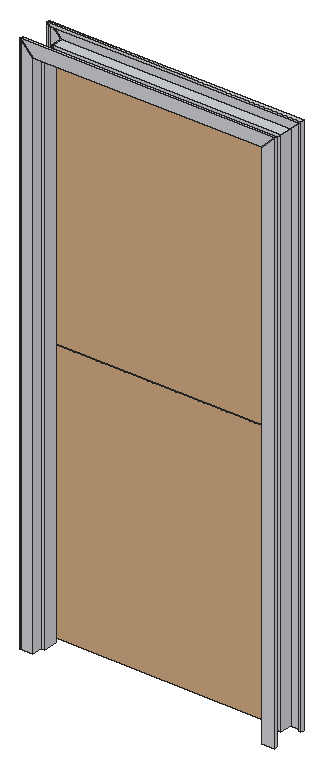
Revit family "Int-DD-WDMF-36 x 84", category Doors, host Wall, Revit 2014
Parameters (values of type "Int-DD-WDMF-36" x 84"")
  Width = Door Panel Width  # 3' - 0"
  Wall Thickness [instance] = 0' - 4 3/4"
  URL = ""
  Type Comments = ""
  Thickness = 0' - 1 3/4"
  Swing Angle [instance] = 90.00°
  SDI RO Spacing = 0' - 0"
  SDI Panel 1 Width = Leaf Width + 0' 0 3/16"  # 3' - 0"
  SDI No Panels = ""
  SDI HW Set [instance] = ""
  SDI HW Item LO-2 [instance] = ""
  SDI HW Item LO-1 [instance] = ""
  SDI HW Item KP-2 [instance] = ""
  SDI HW Item KP-1 [instance] = ""
  SDI HW Item HI-2 [instance] = ""
  SDI HW Item HI-1 [instance] = ""
  SDI HW Item HC-2 [instance] = ""
  SDI HW Item HC-1 [instance] = ""
  SDI HW Item ED-2 [instance] = ""
  SDI HW Item ED-1 [instance] = ""
  SDI HW Item DO-2 [instance] = ""
  SDI HW Item DO-1 [instance] = ""
  SDI HW Item CL-2 [instance] = ""
  SDI HW Item CL-1 [instance] = ""
  SDI Glass Material = Glass
  SDI Frame Type = "3 Piece"
  SDI Frame Material Type = "Hollow Metal"
  SDI Frame Material = Paint - Generic - Prime
  SDI Frame Manufacturer = ""
  SDI Frame Jamb Width = 0' - 2"
  SDI Frame Head Width = 0' - 2"
  SDI Frame Finish Type = "Painted"
  SDI Frame Finish Color = "Prime"
  SDI Frame Depth [instance] = 0' - 5 3/4"
  SDI Family Version = "1.0"
  SDI Door Panel Type = "DD"
  SDI Door Material Type = "Wood"
  SDI Door Material = Stain - SRO - Red Oak 100 Clear
  SDI Door Manufacturer = ""
  SDI Door Finish Type = "SRO"
  SDI Door Finish Color = "Red Oak 100 Clear"
  SDI Door Configuration = "SG"
  SDI Arch Frame Type [instance] = ""
  SDI Arch Frame Material Type [instance] = "HM"
  SDI Arch Door Panel Type [instance] = "DD"
  SDI Arch Door Material Type [instance] = "WD"
  SDI Adjacent Wall Placement = 0' - 4"
  Rough Width = Frame Width - 0' 1" + 2 * SDI RO Spacing  # 3' - 3"
  Rough Height = Frame Height - 0' 0 1/2" + SDI RO Spacing  # 7' - 1 1/2"
  R1 Height = 7' - 0"
  P1 Width = 3' - 2"
  Model = "Int-DD-WDMF-36\" x 84\""
  Manufacturer = ""
  Leaf Width = P1 Width - 0' 2 3/16"  # 2' - 11 13/16"
  Height = Door Panel Height  # 7' - 0"
  Function = Interior
  Frame Width = P1 Width + 0' 2"  # 3' - 4"
  Frame Offset [instance] = 0' - 0"
  Frame Height = R1 Height + 0' 2"  # 7' - 2"
  Fire Rating = ""
  Exterior Glazing [instance] = no
  Door Panel Width = P1 Width - 0' 2"  # 3' - 0"
  Door Panel Height = R1 Height + 0' 2" - (0' 2")  # 7' - 0"
  Description = "Wood Door with Hollow Metal Frame"
  Cost = 0
  Assembly Code = "C1020320"
  Analytic Construction = "<None>"
  ADA Clearance Lines = no
Reference planes (in)
  plane 1: y = 0
  plane 2 "Center (Left/Right)": x = 0
  plane 3 "Wall Edge": y = 2.375
  plane 4 "Wall Interior": y = -2.375
  plane 5 "ModelRefLevel": z = 0
  plane 6 "FrameDepthPlane": y = 0
  plane 7 "FrameFront": y = 2.875
  plane 8 "FrameBack": y = -2.875
  plane 9 "V0": x = 19
  plane 10 "V1": x = -19
  plane 11 "H0": z = 1
  plane 12 "H1": z = 85
  plane 13 "InTermLeftJamb0": x = 18
  plane 14 "OutTermLeftJamb0": x = 20
  plane 15 "InTermRightJamb1": x = -18
  plane 16 "OutTermRightJamb1": x = -20
  plane 17 "DoorLeft": x = 18
  plane 18 "DoorRight": x = -18
  plane 19 "DoorCenter": x = 0
  plane 20 "DoorTop": z = 83.875
  plane 21 "DoorCenterTB": z = 41.9375
  plane 22 "DoorExtFace": y = 2.8125
  plane 23 "DoorGlassFace": y = 2.0625
  plane 24 "LockCenterLine": z = 41.3125
  plane 25 "ActDoorLeft": x = 17.90625
  plane 26 "SwingClrPlane": y = 62.375
  plane 27 "SwingPartialPlane": y = 50.375
  plane 28 "LeftAdjWall": x = 24
Forms (in)
  Extrusion 1, solid
    sketch origin (138.6875, 0, 43) x (-1, 0, 0) y (0, -1, 0)
      loop
        line (119.0625, -2.375) -> (118.6875, -2.375) -> (118.6875, -2.875) -> (120.6875, -2.875) -> (120.6875, -0.9375) -> (121.3125, -0.9375) -> (121.3125, 1.3125) -> (120.6875, 1.3125) -> (120.6875, 2.875) -> (118.6875, 2.875) -> (118.6875, 2.375) -> (119.0625, 2.375) -> (119.0625, 2.4375) -> (118.75, 2.4375) -> (118.75, 2.8125) -> (120.625, 2.8125) -> (120.625, 1.25) -> (121.25, 1.25) -> (121.25, -0.875) -> (120.625, -0.875) -> (120.625, -2.8125) -> (118.75, -2.8125) -> (118.75, -2.4375) -> (119.0625, -2.4375) -> (119.0625, -2.375)
    from -43 to 43
  Extrusion 2, void
    sketch origin (0, 2.375, 0) x (1, 0, 0) y (0, 0, 1)
      loop
        line (20, 86) -> (17.375, 86) -> (17.375, 83.375) -> (20, 86)
    from -12 to 12
  Extrusion 3, solid
    sketch origin (101.3125, 0, 43) x (-1, 0, 0) y (0, -1, 0)
      loop
        line (120.9375, -2.4375) -> (121.25, -2.4375) -> (121.25, -2.8125) -> (119.375, -2.8125) -> (119.375, -0.875) -> (118.75, -0.875) -> (118.75, 1.25) -> (119.375, 1.25) -> (119.375, 2.8125) -> (121.25, 2.8125) -> (121.25, 2.4375) -> (120.9375, 2.4375) -> (120.9375, 2.375) -> (121.3125, 2.375) -> (121.3125, 2.875) -> (119.3125, 2.875) -> (119.3125, 1.3125) -> (118.6875, 1.3125) -> (118.6875, -0.9375) -> (119.3125, -0.9375) -> (119.3125, -2.875) -> (121.3125, -2.875) -> (121.3125, -2.375) -> (120.9375, -2.375) -> (120.9375, -2.4375)
    from -43 to 43
  Extrusion 4, void
    sketch origin (0, 2.375, 0) x (1, 0, 0) y (0, 0, 1)
      loop
        line (-20, 86) -> (-17.375, 83.375) -> (-17.375, 86) -> (-20, 86)
    from -12 to 12
  Extrusion 5, solid
    sketch origin (0, 0, 84.6875) x (0, 1, 0) y (0, 0, 1)
      loop
        line (2.4375, 0.9375) -> (2.4375, 1.25) -> (2.8125, 1.25) -> (2.8125, -0.625) -> (0.875, -0.625) -> (0.875, -1.25) -> (-1.25, -1.25) -> (-1.25, -0.625) -> (-2.8125, -0.625) -> (-2.8125, 1.25) -> (-2.4375, 1.25) -> (-2.4375, 0.9375) -> (-2.375, 0.9375) -> (-2.375, 1.3125) -> (-2.875, 1.3125) -> (-2.875, -0.6875) -> (-1.3125, -0.6875) -> (-1.3125, -1.3125) -> (0.9375, -1.3125) -> (0.9375, -0.6875) -> (2.875, -0.6875) -> (2.875, 1.3125) -> (2.375, 1.3125) -> (2.375, 0.9375) -> (2.4375, 0.9375)
    from -20 to 20
  Extrusion 6, void
    sketch origin (0, 2.375, 0) x (1, 0, 0) y (0, 0, 1)
      loop
        line (-20, 86) -> (-20, 83.375) -> (-17.375, 83.375) -> (-20, 86)
    from -12 to 12
  Extrusion 7, void
    sketch origin (0, 2.375, 0) x (1, 0, 0) y (0, 0, 1)
      loop
        line (20, 86) -> (17.375, 83.375) -> (20, 83.375) -> (20, 86)
    from -12 to 12
  Extrusion 8, solid, material "Stain - SRO - Red Oak 100 Clear" <- "SDI Door Material"
    sketch origin (-72, 2.8125, -24) x (1, 0, 0) y (0, 0, 1)
      loop
        line (89.90625, 24.625) -> (89.90625, 66) -> (54.09375, 66) -> (54.09375, 24.625) -> (89.90625, 24.625)
    from 0 to 1.75
  Extrusion 9, solid, material "Stain - SRO - Red Oak 100 Clear" <- "SDI Door Material"
    sketch origin (-72, 2.8125, -24) x (1, 0, 0) y (0, 0, 1)
      loop
        line (89.90625, 66.125) -> (89.90625, 107.875) -> (54.09375, 107.875) -> (54.09375, 66.125) -> (89.90625, 66.125)
    from 0 to 1.75
Cuts and joins
  Extrusion 2 cuts Extrusion 1
  Extrusion 4 cuts Extrusion 3
  Extrusion 6, Extrusion 7 cuts Extrusion 5
Lines and regions (in)
  Opening 1
    outline origin (-60, -2.375, 0) x (1, 0, 0) y (0, 0, 1)
      loop
        line (79.5, 0) -> (79.5, 85.5) -> (40.5, 85.5) -> (40.5, 0) -> (79.5, 0)
  symbolic lines, style "DoorsFrameMullionProjection", detail levels fine
    curve 1: line (19.625, 2.375, 0) -> (20, 2.375, 0)
    curve 2: line (20, 2.375, 0) -> (20, 2.875, 0)
    curve 3: line (20, 2.875, 0) -> (18, 2.875, 0)
    curve 4: line (18, 2.875, 0) -> (18, 0.9375, 0)
    curve 5: line (18, 0.9375, 0) -> (17.375, 0.9375, 0)
    curve 6: line (17.375, 0.9375, 0) -> (17.375, -1.3125, 0)
    curve 7: line (17.375, -1.3125, 0) -> (18, -1.3125, 0)
    curve 8: line (18, -1.3125, 0) -> (18, -2.875, 0)
    curve 9: line (18, -2.875, 0) -> (20, -2.875, 0)
    curve 10: line (20, -2.875, 0) -> (20, -2.375, 0)
    curve 11: line (20, -2.375, 0) -> (19.625, -2.375, 0)
    curve 12: line (19.625, -2.375, 0) -> (19.625, -2.4375, 0)
    curve 13: line (19.625, -2.4375, 0) -> (19.9375, -2.4375, 0)
    curve 14: line (19.9375, -2.4375, 0) -> (19.9375, -2.8125, 0)
    curve 15: line (19.9375, -2.8125, 0) -> (18.0625, -2.8125, 0)
    curve 16: line (18.0625, -2.8125, 0) -> (18.0625, -1.25, 0)
    curve 17: line (18.0625, -1.25, 0) -> (17.4375, -1.25, 0)
    curve 18: line (17.4375, -1.25, 0) -> (17.4375, 0.875, 0)
    curve 19: line (17.4375, 0.875, 0) -> (18.0625, 0.875, 0)
    curve 20: line (18.0625, 0.875, 0) -> (18.0625, 2.8125, 0)
    curve 21: line (18.0625, 2.8125, 0) -> (19.9375, 2.8125, 0)
    curve 22: line (19.9375, 2.8125, 0) -> (19.9375, 2.4375, 0)
    curve 23: line (19.9375, 2.4375, 0) -> (19.625, 2.4375, 0)
    curve 24: line (19.625, 2.4375, 0) -> (19.625, 2.375, 0)
    curve 37: line (-19.625, 2.4375, 0) -> (-19.9375, 2.4375, 0)
    curve 38: line (-19.9375, 2.4375, 0) -> (-19.9375, 2.8125, 0)
    curve 39: line (-19.9375, 2.8125, 0) -> (-18.0625, 2.8125, 0)
    curve 40: line (-18.0625, 2.8125, 0) -> (-18.0625, 0.875, 0)
    curve 41: line (-18.0625, 0.875, 0) -> (-17.4375, 0.875, 0)
    curve 42: line (-17.4375, 0.875, 0) -> (-17.4375, -1.25, 0)
    curve 43: line (-17.4375, -1.25, 0) -> (-18.0625, -1.25, 0)
    curve 44: line (-18.0625, -1.25, 0) -> (-18.0625, -2.8125, 0)
    curve 45: line (-18.0625, -2.8125, 0) -> (-19.9375, -2.8125, 0)
    curve 46: line (-19.9375, -2.8125, 0) -> (-19.9375, -2.4375, 0)
    curve 47: line (-19.9375, -2.4375, 0) -> (-19.625, -2.4375, 0)
    curve 48: line (-19.625, -2.4375, 0) -> (-19.625, -2.375, 0)
    curve 49: line (-19.625, -2.375, 0) -> (-20, -2.375, 0)
    curve 50: line (-20, -2.375, 0) -> (-20, -2.875, 0)
    curve 51: line (-20, -2.875, 0) -> (-18, -2.875, 0)
    curve 52: line (-18, -2.875, 0) -> (-18, -1.3125, 0)
    curve 53: line (-18, -1.3125, 0) -> (-17.375, -1.3125, 0)
    curve 54: line (-17.375, -1.3125, 0) -> (-17.375, 0.9375, 0)
    curve 55: line (-17.375, 0.9375, 0) -> (-18, 0.9375, 0)
    curve 56: line (-18, 0.9375, 0) -> (-18, 2.875, 0)
    curve 57: line (-18, 2.875, 0) -> (-20, 2.875, 0)
    curve 58: line (-20, 2.875, 0) -> (-20, 2.375, 0)
    curve 59: line (-20, 2.375, 0) -> (-19.625, 2.375, 0)
    curve 60: line (-19.625, 2.375, 0) -> (-19.625, 2.4375, 0)
  symbolic lines, style "DoorsFrameMullionProjection", detail levels coarse
    curve 25: line (18, -2.875, 0) -> (19.5, -2.875, 0)
    curve 26: line (18, 2.875, 0) -> (19.5, 2.875, 0)
    curve 27: line (18, -2.875, 0) -> (18, 2.875, 0)
    curve 28: line (19.5, -2.875, 0) -> (19.5, 2.875, 0)
    curve 61: line (-19.5, -2.875, 0) -> (-18, -2.875, 0)
    curve 62: line (-19.5, 2.875, 0) -> (-18, 2.875, 0)
    curve 63: line (-19.5, -2.875, 0) -> (-19.5, 2.875, 0)
    curve 64: line (-18, -2.875, 0) -> (-18, 2.875, 0)
  symbolic lines, style "DoorsFrameMullionProjection", detail levels medium
    curve 29: line (18, -2.875, 0) -> (20, -2.875, 0)
    curve 30: line (20, -2.875, 0) -> (20, -2.375, 0)
    curve 31: line (19.5, -2.375, 0) -> (20, -2.375, 0)
    curve 32: line (19.5, -2.375, 0) -> (19.5, 2.375, 0)
    curve 33: line (19.5, 2.375, 0) -> (20, 2.375, 0)
    curve 34: line (20, 2.875, 0) -> (20, 2.375, 0)
    curve 35: line (18, 2.875, 0) -> (20, 2.875, 0)
    curve 36: line (18, -2.875, 0) -> (18, 2.875, 0)
  symbolic lines, style "Elevation Swing"
    curve 65: line (-17.90625, 2.375, 83.875) -> (17.90625, 2.375, 41.9375)
    curve 66: line (-17.90625, 2.375, 0) -> (17.90625, 2.375, 41.9375)
  symbolic lines, style "ADA Clearance", visible <- "ADA Clearance Lines"
    curve 67: line (20, 2.375, 0) -> (20, 62.375, 0)
    curve 68: line (-36, 62.375, 0) -> (20, 62.375, 0)
    curve 69: line (-36, 50.375, 0) -> (20, 50.375, 0)
    curve 70: line (-36, 2.375, 0) -> (-36, 62.375, 0)
    curve 71: line (20, -2.375, 0) -> (20, -50.375, 0)
    curve 72: line (-30, -50.375, 0) -> (20, -50.375, 0)
    curve 73: line (-30, -2.375, 0) -> (-30, -50.375, 0)
Text (in)
  text "Placement Side" at (0, 40.15149, 123.01588), in view "Right"
  text "Placement Side" at (-70.3804, 28.46503, 0), in view "Ref. Level"
  text "Placement Side" at (0, 81.62555, 140.59947), in view "Left"
Dimensions and locks (in)
  locked: plane 3 "Wall Edge" to host wall
  equal spacing: host wall, plane 2 "Center (Left/Right)", host wall
  "Rough Width": host wall to host wall
  "Rough Height": level to host wall
  equal spacing: plane 3 "Wall Edge", plane 1, plane 4 "Wall Interior"
  "Wall Thickness": host wall to host wall
  locked: plane 3 "Wall Edge" to plane 7 "FrameFront" at 0.5
  locked: plane 4 "Wall Interior" to plane 8 "FrameBack" at 0.5
  "SDI Frame Depth": plane 7 "FrameFront" to plane 8 "FrameBack"
  equal spacing: plane 9 "V0", plane 2 "Center (Left/Right)", plane 10 "V1"
  "P1 Width": plane 9 "V0" to plane 10 "V1"
  "R1 Height": plane 11 "H0" to plane 12 "H1"
  locked: plane 12 "H1" to Extrusion 1 at 1
  locked: plane 11 "H0" to Extrusion 1 at 1
  locked: plane 9 "V0" to Extrusion 1 at 0.9375  (x4)
  locked: plane 9 "V0" to Extrusion 1 at 1.5625
  locked: plane 9 "V0" to Extrusion 1 at 1  (x4)
  locked: plane 9 "V0" to Extrusion 1 at 0.625  (x3)
  locked: plane 9 "V0" to Extrusion 1 at 1.625
  locked: plane 9 "V0" to curve 1 at 0.625
  locked: plane 9 "V0" to curve 2 at 1
  locked: plane 9 "V0" to curve 3 at 1
  locked: plane 9 "V0" to curve 4 at 1
  locked: plane 9 "V0" to curve 5 at 1
  locked: plane 9 "V0" to curve 6 at 1.625
  locked: plane 9 "V0" to curve 7 at 1.625
  locked: plane 9 "V0" to curve 8 at 1
  locked: plane 9 "V0" to curve 9 at 1
  locked: plane 9 "V0" to curve 10 at 1
  locked: plane 9 "V0" to curve 11 at 1
  locked: plane 9 "V0" to curve 12 at 0.625
  locked: plane 9 "V0" to curve 13 at 0.625
  locked: plane 9 "V0" to curve 14 at 0.9375
  locked: plane 9 "V0" to curve 15 at 0.9375
  locked: plane 9 "V0" to curve 16 at 0.9375
  locked: plane 9 "V0" to curve 17 at 0.9375
  locked: plane 9 "V0" to curve 18 at 1.5625
  locked: plane 9 "V0" to curve 19 at 1.5625
  locked: plane 9 "V0" to curve 20 at 0.9375
  locked: plane 9 "V0" to curve 21 at 0.9375
  locked: plane 9 "V0" to curve 22 at 0.9375
  locked: plane 9 "V0" to curve 23 at 0.9375
  locked: plane 9 "V0" to curve 24 at 0.625
  locked: plane 9 "V0" to plane 14 "OutTermLeftJamb0" at 1
  locked: plane 9 "V0" to plane 13 "InTermLeftJamb0" at 1
  locked: plane 9 "V0" to curve 25 at 1
  locked: plane 9 "V0" to curve 26 at 1
  locked: plane 9 "V0" to curve 27 at 1
  locked: plane 9 "V0" to curve 28 at 0.5
  locked: plane 9 "V0" to curve 29 at 1
  locked: plane 9 "V0" to curve 30 at 1
  locked: plane 9 "V0" to curve 31 at 0.5
  locked: plane 9 "V0" to curve 32 at 0.5
  locked: plane 9 "V0" to curve 33 at 0.5
  locked: plane 9 "V0" to curve 34 at 1
  locked: plane 9 "V0" to curve 35 at 1
  locked: plane 9 "V0" to curve 36 at 1
  locked: plane 12 "H1" to Extrusion 3 at 1
  locked: plane 11 "H0" to Extrusion 3 at 1
  locked: plane 10 "V1" to Extrusion 3 at 0.625  (x2)
  locked: plane 10 "V1" to Extrusion 3 at 1  (x5)
  locked: plane 10 "V1" to Extrusion 3 at 1.625
  locked: plane 10 "V1" to Extrusion 3 at 0.9375  (x4)
  locked: plane 10 "V1" to Extrusion 3 at 1.5625
  locked: plane 10 "V1" to curve 37 at 0.625
  locked: plane 10 "V1" to curve 38 at 0.9375
  locked: plane 10 "V1" to curve 39 at 0.9375
  locked: plane 10 "V1" to curve 40 at 0.9375
  locked: plane 10 "V1" to curve 41 at 0.9375
  locked: plane 10 "V1" to curve 42 at 1.5625
  locked: plane 10 "V1" to curve 43 at 1.5625
  locked: plane 10 "V1" to curve 44 at 0.9375
  locked: plane 10 "V1" to curve 45 at 0.9375
  locked: plane 10 "V1" to curve 46 at 0.9375
  locked: plane 10 "V1" to curve 47 at 0.9375
  locked: plane 10 "V1" to curve 48 at 0.625
  locked: plane 10 "V1" to curve 49 at 0.625
  locked: plane 10 "V1" to curve 50 at 1
  locked: plane 10 "V1" to curve 51 at 1
  locked: plane 10 "V1" to curve 52 at 1
  locked: plane 10 "V1" to curve 53 at 1
  locked: plane 10 "V1" to curve 54 at 1.625
  locked: plane 10 "V1" to curve 55 at 1.625
  locked: plane 10 "V1" to curve 56 at 1
  locked: plane 10 "V1" to curve 57 at 1
  locked: plane 10 "V1" to curve 58 at 1
  locked: plane 10 "V1" to curve 59 at 1
  locked: plane 10 "V1" to curve 60 at 0.625
  locked: plane 10 "V1" to plane 15 "InTermRightJamb1" at 1
  locked: plane 10 "V1" to plane 16 "OutTermRightJamb1" at 1
  locked: plane 10 "V1" to curve 61 at 0.5
  locked: plane 10 "V1" to curve 62 at 0.5
  locked: plane 10 "V1" to curve 63 at 0.5
  locked: plane 10 "V1" to curve 64 at 1
  locked: plane 9 "V0" to Extrusion 5 at 1
  locked: plane 10 "V1" to Extrusion 5 at 1
  locked: plane 12 "H1" to Extrusion 5 at 0.9375  (x5)
  locked: plane 12 "H1" to Extrusion 5 at 1.5625
  locked: plane 12 "H1" to Extrusion 5 at 1  (x4)
  locked: plane 12 "H1" to Extrusion 5 at 0.625  (x2)
  locked: plane 12 "H1" to Extrusion 5 at 1.625
  locked: plane 7 "FrameFront" to cut or joined group of Extrusion 1, Extrusion 2 at 1.9375
  locked: plane 7 "FrameFront" to cut or joined group of Extrusion 1, Extrusion 2 at 2
  locked: plane 7 "FrameFront" to cut or joined group of Extrusion 1, Extrusion 2 at 0.0625
  locked: plane 7 "FrameFront" to cut or joined group of Extrusion 1, Extrusion 2 at 0.4375
  locked: plane 7 "FrameFront" to cut or joined group of Extrusion 1, Extrusion 2 at 0.5
  locked: plane 8 "FrameBack" to cut or joined group of Extrusion 1, Extrusion 2 at 1.5625
  locked: plane 8 "FrameBack" to cut or joined group of Extrusion 1, Extrusion 2 at 0.5
  locked: plane 8 "FrameBack" to cut or joined group of Extrusion 1, Extrusion 2 at 0.4375
  locked: plane 8 "FrameBack" to cut or joined group of Extrusion 1, Extrusion 2 at 0.0625
  locked: plane 8 "FrameBack" to cut or joined group of Extrusion 1, Extrusion 2 at 1.625
  locked: plane 7 "FrameFront" to cut or joined group of Extrusion 3, Extrusion 4 at 0.0625
  locked: plane 7 "FrameFront" to cut or joined group of Extrusion 3, Extrusion 4 at 2
  locked: plane 7 "FrameFront" to cut or joined group of Extrusion 3, Extrusion 4 at 1.9375
  locked: plane 7 "FrameFront" to cut or joined group of Extrusion 3, Extrusion 4 at 0.5
  locked: plane 7 "FrameFront" to cut or joined group of Extrusion 3, Extrusion 4 at 0.4375
  locked: plane 8 "FrameBack" to cut or joined group of Extrusion 3, Extrusion 4 at 1.625
  locked: plane 8 "FrameBack" to cut or joined group of Extrusion 3, Extrusion 4 at 0.0625
  locked: plane 8 "FrameBack" to cut or joined group of Extrusion 3, Extrusion 4 at 0.4375
  locked: plane 8 "FrameBack" to cut or joined group of Extrusion 3, Extrusion 4 at 0.5
  locked: plane 8 "FrameBack" to cut or joined group of Extrusion 3, Extrusion 4 at 1.5625
  locked: plane 7 "FrameFront" to cut or joined group of Extrusion 5, Extrusion 6, Extrusion 7 at 0.0625
  locked: plane 7 "FrameFront" to cut or joined group of Extrusion 5, Extrusion 6, Extrusion 7 at 2
  locked: plane 7 "FrameFront" to cut or joined group of Extrusion 5, Extrusion 6, Extrusion 7 at 1.9375
  locked: plane 7 "FrameFront" to cut or joined group of Extrusion 5, Extrusion 6, Extrusion 7 at 0.5
  locked: plane 7 "FrameFront" to cut or joined group of Extrusion 5, Extrusion 6, Extrusion 7 at 0.4375
  locked: plane 8 "FrameBack" to cut or joined group of Extrusion 5, Extrusion 6, Extrusion 7 at 1.625
  locked: plane 8 "FrameBack" to cut or joined group of Extrusion 5, Extrusion 6, Extrusion 7 at 0.0625
  locked: plane 8 "FrameBack" to cut or joined group of Extrusion 5, Extrusion 6, Extrusion 7 at 0.4375
  locked: plane 8 "FrameBack" to cut or joined group of Extrusion 5, Extrusion 6, Extrusion 7 at 0.5
  locked: plane 8 "FrameBack" to cut or joined group of Extrusion 5, Extrusion 6, Extrusion 7 at 1.5625
  locked: plane 7 "FrameFront" to curve 1 at 0.5
  locked: plane 7 "FrameFront" to curve 5 at 1.9375
  locked: plane 7 "FrameFront" to curve 19 at 2
  locked: plane 7 "FrameFront" to curve 21 at 0.0625
  locked: plane 7 "FrameFront" to curve 23 at 0.4375
  locked: plane 7 "FrameFront" to curve 33 at 0.5
  locked: plane 7 "FrameFront" to curve 37 at 0.4375
  locked: plane 7 "FrameFront" to curve 39 at 0.0625
  locked: plane 7 "FrameFront" to curve 41 at 2
  locked: plane 7 "FrameFront" to curve 55 at 1.9375
  locked: plane 7 "FrameFront" to curve 59 at 0.5
  locked: plane 8 "FrameBack" to curve 7 at 1.5625
  locked: plane 8 "FrameBack" to curve 11 at 0.5
  locked: plane 8 "FrameBack" to curve 13 at 0.4375
  locked: plane 8 "FrameBack" to curve 15 at 0.0625
  locked: plane 8 "FrameBack" to curve 17 at 1.625
  locked: plane 8 "FrameBack" to curve 31 at 0.5
  locked: plane 8 "FrameBack" to curve 43 at 1.625
  locked: plane 8 "FrameBack" to curve 45 at 0.0625
  locked: plane 8 "FrameBack" to curve 47 at 0.4375
  locked: plane 8 "FrameBack" to curve 49 at 0.5
  locked: plane 8 "FrameBack" to curve 53 at 1.5625
  locked: plane 9 "V0" to plane 17 "DoorLeft" at 1
  locked: plane 10 "V1" to plane 18 "DoorRight" at 1
  locked: plane 12 "H1" to plane 20 "DoorTop" at 1.125
  equal spacing: plane 20 "DoorTop", plane 21 "DoorCenterTB", plane 5 "ModelRefLevel"
  locked: plane 3 "Wall Edge" to plane 22 "DoorExtFace" at 0.4375
  locked: plane 3 "Wall Edge" to plane 23 "DoorGlassFace" at 0.3125
  locked: plane 24 "LockCenterLine" to plane 5 "ModelRefLevel" at 41.3125
  locked: Extrusion 8 to Extrusion 8 at 1.75
  locked: Extrusion 9 to Extrusion 9 at 1.75
  locked: plane 17 "DoorLeft" to Extrusion 8 at 0.09375
  locked: plane 18 "DoorRight" to Extrusion 8 at 0.09375
  locked: plane 24 "LockCenterLine" to Extrusion 8 at 0.6875
  locked: plane 5 "ModelRefLevel" to Extrusion 8 at 0.625
  locked: plane 17 "DoorLeft" to Extrusion 9 at 0.09375
  locked: plane 18 "DoorRight" to Extrusion 9 at 0.09375
  locked: plane 20 "DoorTop" to Extrusion 9 at 0
  locked: plane 24 "LockCenterLine" to Extrusion 9 at 0.8125
  locked: plane 17 "DoorLeft" to plane 25 "ActDoorLeft" at 0.09375
  locked: plane 3 "Wall Edge" to plane 26 "SwingClrPlane" at 60
  locked: plane 3 "Wall Edge" to plane 27 "SwingPartialPlane" at 48
  "SDI Adjacent Wall Placement": plane 14 "OutTermLeftJamb0" to plane 28 "LeftAdjWall"
  aligned and locked: plane 4 "Wall Interior" to host wall
  aligned and locked: cut or joined group of Extrusion 1, Extrusion 2 to plane 7 "FrameFront"
  aligned and locked: plane 8 "FrameBack" to cut or joined group of Extrusion 1, Extrusion 2
  aligned and locked: cut or joined group of Extrusion 3, Extrusion 4 to plane 7 "FrameFront"
  aligned and locked: plane 8 "FrameBack" to cut or joined group of Extrusion 3, Extrusion 4
  aligned and locked: cut or joined group of Extrusion 5, Extrusion 6, Extrusion 7 to plane 7 "FrameFront"
  aligned and locked: plane 8 "FrameBack" to cut or joined group of Extrusion 5, Extrusion 6, Extrusion 7
  aligned and locked: curve 3 to plane 7 "FrameFront"
  aligned and locked: plane 7 "FrameFront" to curve 26
  aligned and locked: curve 57 to plane 7 "FrameFront"
  aligned and locked: plane 7 "FrameFront" to curve 62
  aligned and locked: plane 8 "FrameBack" to curve 9
  aligned and locked: plane 8 "FrameBack" to curve 51
  aligned and locked: plane 8 "FrameBack" to curve 61
  aligned and locked: Extrusion 8 to plane 22 "DoorExtFace"
  aligned and locked: Extrusion 9 to plane 22 "DoorExtFace"
  aligned and locked: plane 7 "FrameFront" to nested 1
  aligned and locked: plane 25 "ActDoorLeft" to nested 1
  aligned and locked: plane 26 "SwingClrPlane" to curve 68
  aligned and locked: plane 27 "SwingPartialPlane" to curve 69
Automatic sketch dimensions
  Opening 1 sketch curve to level = 0' - 0"
  Opening 1 sketch curve to plane 2 "Center (Left/Right)" = 1' - 7 1/2"
  plane 2 "Center (Left/Right)" to Opening 1 sketch curve = 1' - 7 1/2"
  level to Opening 1 sketch curve = 7' - 1 1/2"
  Extrusion 2 sketch curve to plane 9 "V0" = 0' - 1 5/8"
  plane 9 "V0" to Extrusion 2 sketch curve = 0' - 1"
  plane 12 "H1" to Extrusion 2 sketch curve = 0' - 1 5/8"
  Extrusion 2 sketch curve to plane 12 "H1" = 0' - 1"
  host wall to Extrusion 1 sketch curve = 0' - 0"
  Extrusion 1 sketch curve to host wall = 0' - 0"
  plane 7 "FrameFront" to Extrusion 1 sketch curve = 0' - 0"
  plane 8 "FrameBack" to Extrusion 1 sketch curve = 0' - 0"
  plane 2 "Center (Left/Right)" to Extrusion 1 sketch curve = 1' - 8"  (x2)
  Extrusion 1 sketch curve to Extrusion 1 sketch curve = 0' - 0 1/16"  (x7)
  host wall to Extrusion 1 sketch curve = 0' - 0 1/16"  (x2)
  Extrusion 1 sketch curve to Extrusion 1 sketch curve = 0' - 0 5/16"  (x2)
  plane 2 "Center (Left/Right)" to Extrusion 1 sketch curve = 1' - 6 1/16"  (x2)
  Extrusion 1 sketch curve to Extrusion 1 sketch curve = 0' - 0 9/16"
  plane 7 "FrameFront" to Extrusion 1 sketch curve = 0' - 0 1/16"
  Extrusion 1 sketch curve to host wall = 0' - 0 15/16"
  Extrusion 1 sketch curve to host wall = 0' - 1 1/8"
  Extrusion 1 sketch curve to plane 8 "FrameBack" = 0' - 0 1/16"
  plane 9 "V0" to curve 1 = 0' - 1"
  curve 1 to curve 1 = 0' - 0 3/8"
  curve 3 to plane 9 "V0" = 0' - 1"
  curve 4 to curve 5 = 0' - 0 5/8"
  curve 10 to curve 11 = 0' - 0 3/8"
  curve 10 to curve 13 = 0' - 0 1/16"
  curve 15 to curve 8 = 0' - 0 1/16"
  curve 17 to curve 6 = 0' - 0 1/16"
  curve 20 to curve 3 = 0' - 0 1/16"
  curve 2 to curve 21 = 0' - 0 1/16"
  curve 21 to curve 26 = 0' - 0 7/16"
  curve 11 to curve 31 = 0' - 0 1/8"
  curve 1 to curve 32 = 0' - 0 1/8"
  Extrusion 4 sketch curve to plane 10 "V1" = 0' - 1"
  plane 10 "V1" to Extrusion 4 sketch curve = 0' - 1 5/8"
  plane 12 "H1" to Extrusion 4 sketch curve = 0' - 1 5/8"
  Extrusion 4 sketch curve to plane 12 "H1" = 0' - 1"
  plane 8 "FrameBack" to Extrusion 3 sketch curve = 0' - 0"
  plane 7 "FrameFront" to Extrusion 3 sketch curve = 0' - 0"
  host wall to Extrusion 3 sketch curve = 0' - 0"
  Extrusion 3 sketch curve to host wall = 0' - 0"
  Extrusion 3 sketch curve to plane 2 "Center (Left/Right)" = 1' - 5 3/8"
  Extrusion 3 sketch curve to Extrusion 3 sketch curve = 0' - 0 1/16"  (x7)
  Extrusion 3 sketch curve to plane 2 "Center (Left/Right)" = 1' - 6"  (x2)
  Extrusion 3 sketch curve to plane 2 "Center (Left/Right)" = 1' - 7 5/8"  (x2)
  host wall to Extrusion 3 sketch curve = 0' - 0 1/16"  (x2)
  Extrusion 3 sketch curve to Extrusion 3 sketch curve = 0' - 0 5/16"  (x2)
  plane 7 "FrameFront" to Extrusion 3 sketch curve = 0' - 0 1/16"
  Extrusion 3 sketch curve to host wall = 0' - 0 15/16"
  Extrusion 3 sketch curve to host wall = 0' - 1 1/8"
  Extrusion 3 sketch curve to plane 8 "FrameBack" = 0' - 0 1/16"
  curve 37 to plane 10 "V1" = 0' - 0 5/8"
  curve 37 to curve 37 = 0' - 0 5/16"
  curve 42 to curve 43 = 0' - 0 5/8"
  curve 47 to curve 46 = 0' - 0 5/16"
  curve 46 to curve 49 = 0' - 0 1/16"
  curve 51 to curve 44 = 0' - 0 1/16"
  curve 53 to curve 42 = 0' - 0 1/16"
  curve 55 to curve 40 = 0' - 0 1/16"
  curve 38 to curve 57 = 0' - 0 1/16"
  curve 61 to curve 45 = 0' - 0 7/16"
  curve 62 to plane 15 "InTermRightJamb1" = 0' - 0"
  curve 62 to curve 38 = 0' - 0 7/16"
  plane 16 "OutTermRightJamb1" to Extrusion 6 sketch curve = 0' - 0"
  plane 15 "InTermRightJamb1" to Extrusion 6 sketch curve = 0' - 0 5/8"
  plane 12 "H1" to Extrusion 6 sketch curve = 0' - 1 5/8"
  Extrusion 6 sketch curve to plane 12 "H1" = 0' - 1"
  Extrusion 7 sketch curve to plane 14 "OutTermLeftJamb0" = 0' - 0"
  Extrusion 7 sketch curve to plane 13 "InTermLeftJamb0" = 0' - 0 5/8"
  plane 12 "H1" to Extrusion 7 sketch curve = 0' - 1 5/8"
  Extrusion 7 sketch curve to plane 12 "H1" = 0' - 1"
  Extrusion 5 sketch curve to plane 8 "FrameBack" = 0' - 0"
  Extrusion 5 sketch curve to host wall = 0' - 0"  (x2)
  Extrusion 5 sketch curve to plane 7 "FrameFront" = 0' - 0"
  Extrusion 5 sketch curve to plane 8 "FrameBack" = 0' - 0 1/16"
  host wall to Extrusion 5 sketch curve = 0' - 0 1/16"  (x2)
  Extrusion 5 sketch curve to host wall = 0' - 1 1/16"
  Extrusion 5 sketch curve to Extrusion 5 sketch curve = 0' - 0 1/16"  (x7)
  Extrusion 5 sketch curve to host wall = 0' - 0 7/8"
  plane 7 "FrameFront" to Extrusion 5 sketch curve = 0' - 0 1/16"
  level to Extrusion 5 sketch curve = 6' - 11 3/8"
  level to Extrusion 5 sketch curve = 7' - 0"  (x2)
  Extrusion 5 sketch curve to plane 11 "H0" = 7' - 0 5/8"  (x2)
  Extrusion 5 sketch curve to plane 11 "H0" = 7' - 0 15/16"  (x2)
  plane 15 "InTermRightJamb1" to Extrusion 8 sketch curve = 0' - 0 3/32"
  Extrusion 8 sketch curve to plane 13 "InTermLeftJamb0" = 0' - 0 3/32"
  plane 11 "H0" to Extrusion 8 sketch curve = 0' - 0 3/8"
  Extrusion 8 sketch curve to plane 21 "DoorCenterTB" = 0' - 0 1/16"
  Extrusion 9 sketch curve to plane 20 "DoorTop" = 0' - 0"
  plane 15 "InTermRightJamb1" to Extrusion 9 sketch curve = 0' - 0 3/32"
  Extrusion 9 sketch curve to plane 13 "InTermLeftJamb0" = 0' - 0 3/32"
  Extrusion 9 sketch curve to plane 21 "DoorCenterTB" = 0' - 0 3/16"
  curve 65 to plane 20 "DoorTop" = 0' - 0"
  curve 65 to plane 21 "DoorCenterTB" = 0' - 0"
  plane 15 "InTermRightJamb1" to curve 65 = 0' - 0 3/32"
  curve 66 to level = 0' - 0"
  curve 66 to plane 25 "ActDoorLeft" = 0' - 0"
  plane 15 "InTermRightJamb1" to curve 66 = 0' - 0 3/32"
  curve 67 to host wall = 0' - 0"
  curve 69 to plane 14 "OutTermLeftJamb0" = 0' - 0"
  curve 70 to host wall = 0' - 0"
  host wall to curve 71 = 0' - 0"
  plane 8 "FrameBack" to curve 71 = 3' - 11 1/2"
  curve 72 to plane 14 "OutTermLeftJamb0" = 0' - 0"
  curve 72 to plane 16 "OutTermRightJamb1" = 0' - 10"
  host wall to curve 73 = 0' - 0"
  curve 73 to curve 70 = 0' - 6"
Nested families (in)
  nested 1: "SingleDoorPlanLines" at (17.90625, 2.875, 0.625), type "SingleDoorPlanLines"
Definition of nested family "SingleDoorPlanLines"
  Parameters (values of type "SingleDoorPlanLines")
    Width = 3' - 0"
    URL = ""
    Thickness = 0' - 1 3/4"
    Analytic Construction = "<None>"
    Swing Angle = 90.00°
  Reference planes (in)
    plane 1 "Front": y = 0
    plane 2: z = 0
    plane 3 "Right": x = 0
    plane 4 "Left": x = -36
  Lines and regions (in)
    symbolic lines, style "DoorsPanelProjection"
      curve 1: line (0, 0, 0) -> (0, 36, 0)
      curve 2: line (0, 36, 0) -> (-1.75, 36, 0)
      curve 3: line (-1.75, 36, 0) -> (-1.75, 0, 0)
      curve 4: line (-1.75, 0, 0) -> (0, 0, 0)
    model lines, style "InvisibleLines", not visible
      curve 5: line (0, 0, 0) -> (-38.99851, -0.34033, 0)
    symbolic lines, style "Plan Swing"
      curve 6: arc (-35.99863, -0.31416, 0) -> (-25.56667, 25.34453, 0) -> (0, 36, 0) r 36
  Dimensions and locks (in)
    "Thickness": curve 3 to curve 1
    "Width": curve 2 to curve 4
    "Width": plane 4 "Left" to plane 3 "Right"
    "Swing Angle": angle curve 1 to plane 1 "Front"
    locked: plane 1 "Front" to curve 5 (angle 0.50°)
  Automatic sketch dimensions
    curve 6 to plane 1 "Front" = 0' - 0"
    curve 6 to plane 3 "Right" = 0' - 0"
    curve 4 to plane 1 "Front" = 0' - 0"
    curve 4 to plane 3 "Right" = 0' - 0"
